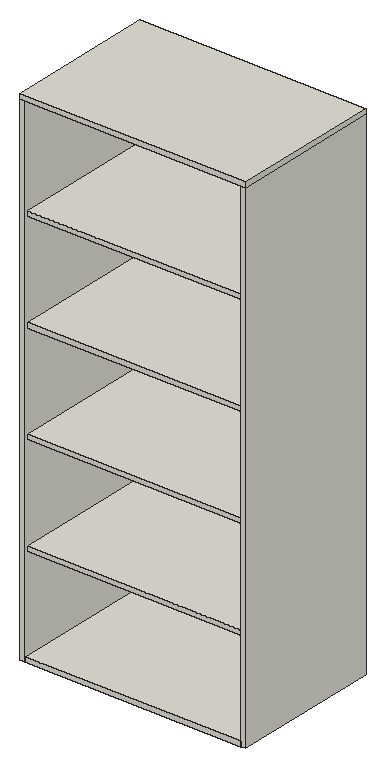
Revit family "Haworth_BeHold_Bookcase", category Furniture Systems, Revit 2018
Family settings
  Round Connector Dimension = Use Diameter
  Part Type = Normal
  OmniClass Number = 23.40.70.14.64.21
  OmniClass Title = Systems Furniture
  Work Plane-Based = No
  Always vertical = Yes
  Cut with Voids When Loaded = No
  Shared = No
  Room Calculation Point = No
Parameters (values of type "81h 36w")
  Width = 36.00"
  Warranty = ""
  URL - Product = "https://www.haworth.com/na/en/products/active-storage/be-hold.html"
  URL = "www.haworth.com"
  Sustainability Info = "https://www.haworth.com/company-info/sustainability"
  Standard Widths = "18-36 in. @ 6 in. increments"  # constant formula
  Standard Height = "49-81 in."  # constant formula
  Size = "Verify Final Dim. w/ Haworth"  # constant formula
  Side Case Back Control = if(Proud Style, 23.25", 24.00")  # 24.00"
  Shelf Width = Actual Width - (Panel Thickness * 2)  # 34.50"
  Shelf Height 5 = 15.25"  # constant formula
  Shelf Height 4 = 15.25"  # constant formula
  Shelf Height 3 = if(Actual Height = 49.00", 15.25", if(Actual Height = 57.00", 7.25", if(Actual Height = 65.00", 15.25", if(Actual Height = 73.00", 7.25", 15.25"))))  # 15.25"
  Shelf Height 2 = 15.25"  # constant formula
  Shelf Height 1 = 14.94"  # constant formula
  Shelf Depth = Actual Depth - Panel Thickness  # 23.25"
  Revision Number = "1"  # constant formula
  Proud Style = not(Inset Style)  # no
  Panel Thickness = 0.75"  # constant formula
  Mounting Height = 22.00"
  Model = "Haworth Be_Hold"  # constant formula
  Min. Width = 18.00"  # constant formula
  Min. Height = 49.00"  # constant formula
  Max. Width = 36.00"  # constant formula
  Max. Height = 81.00"  # constant formula
  Manufacturer = "Haworth"  # constant formula
  Inset Style Width = Actual Depth - 0.19"  # 23.81"
  Inset Style = yes
  Height = 81.00"
  Description = "Haworth - Be_Hold - Freestanding Storage - Freestanding Bookcase"
  Custom Size = not(and(or(Height = 49.00", Height = 57.00", Height = 65.00", Height = 73.00", Height = 81.00")))  # no
  Case Finish [instance] = Haworth _ Laminate _ Beige H-34
  Case Edge Finish [instance] = Haworth _ Laminate _ Beige H-34
  Base Height = 0.75"  # constant formula
  Back Case Side Control = 0.00"
  Back Case Back Control = 0.00"
  Author = "Haworth (Abd Rahman)"  # constant formula
  Assembly Code = "E2020200"
  Actual Width = if(Width < Min. Width, Min. Width, if(Width > Max. Width, Max. Width, Width))  # 36.00"
  Actual Shelf 4 = Actual Height > 65.00"  # yes
  Actual Shelf 3 = Actual Height > 49.00"  # yes
  Actual Shelf 2 = Actual Height > 48.00"  # yes
  Actual Shelf 1 = Actual Height < 85.00"  # yes
  Actual Height = if(Height > Max. Height, Max. Height, if(Height < Min. Height, Min. Height, Height))  # 81.00"
  Actual Depth = if([16in. Depth], 16.00", 24.00")  # 24.00"
  Standard Depths = "16, 24 in"  # constant formula
  24in. Depth = yes
  16in. Depth = not([24in. Depth])  # no
Types (5): name | Shelf Height 3 | Height | Actual Shelf 4 | Actual Shelf 3 | Actual Height
  49h 36w | 15.25" | 49.00" | no | no | 49.00"
  65h 36w | 15.25" | 65.00" | no | yes | 65.00"
  57h 36w | 7.25" | 57.00" | no | yes | 57.00"
  73h 36w | 7.25" | 73.00" | yes | yes | 73.00"
  81h 36w | 15.25" | 81.00" | yes | yes | 81.00"
Reference planes (in)
  plane 1: z = 0
  plane 2 "Center L/R": x = -6.17556
  plane 3 "Center F/B": y = -11.5
  plane 4 "Top": z = 0
  plane 5 "Back": y = 0.5
  plane 6 "Front": y = -23.5
  plane 7 "Right": x = 11.82444
  plane 8 "Left": x = -24.17556
  plane 9: z = 81
  plane 10: x = 11.07444
  plane 11: x = -23.42556
  plane 12: z = 80.25
  plane 13: z = 0.75
  plane 14: y = -0.25
  plane 15: z = 48.44
  plane 16: z = 32.44
  plane 17: z = 16.44
  plane 18: z = 15.69
  plane 19: z = 31.69
  plane 20: z = 47.69
  plane 21: y = 0.3125
  plane 22: z = 64.44
  plane 23: z = 63.69
  plane 24: y = -23.125
  plane 25: y = -0.4375
Forms (in)
  Extrusion 1, solid, material "Haworth _ Laminate _ Beige H-34" <- "Case Finish", visible <- "Inset Style"
    sketch origin (0, 0, 0) x (1, 0, 0) y (0, 1, 0)
      loop
        line (-24.17556, 0.5) -> (-24.17556, -23.5) -> (-23.42556, -23.5) -> (-23.42556, 0.5) -> (-24.17556, 0.5)
      loop
        line (11.82444, -23.5) -> (11.82444, 0.5) -> (11.07444, 0.5) -> (11.07444, -23.5) -> (11.82444, -23.5)
    from 0 to 80.25
  Extrusion 2, solid, material "Haworth _ Laminate _ Beige H-34" <- "Case Finish"
    sketch origin (7, -12, 0) x (1, 0, 0) y (0, 1, 0)
      loop
        line (-31.17556, 12.5) -> (-31.17556, -11.5) -> (4.82444, -11.5) -> (4.82444, 12.5) -> (-31.17556, 12.5)
    from 80.25 to 81
  Extrusion 3, solid, material "Haworth _ Laminate _ Beige H-34" <- "Case Finish", visible <- "Inset Style"
    sketch origin (0, 0, -58.25) x (1, 0, 0) y (0, 1, 0)
      loop
        line (-23.42556, 0.5) -> (-23.42556, -23.5) -> (11.07444, -23.5) -> (11.07444, 0.5) -> (-23.42556, 0.5)
    from 58.25 to 59
  Extrusion 4, solid, material "Haworth _ Laminate _ Beige H-34" <- "Case Finish", visible <- "Proud Style"
    sketch origin (-17.1098, 32.76663, 0) x (1, 0, 0) y (0, 1, 0)
      loop
        line (-7.06576, -32.26663) -> (-7.06576, -33.01663) -> (28.93424, -33.01663) -> (28.93424, -32.26663) -> (-7.06576, -32.26663)
    from 0 to 80.25
  Extrusion 5, solid, material "Haworth _ Laminate _ Beige H-34" <- "Case Finish", visible <- "Inset Style"
    sketch origin (0, -0.375, 0) x (1, 0, 0) y (0, 1, 0)
      loop
        line (-23.42556, 0.6875) -> (-23.42556, -0.0625) -> (11.07444, -0.0625) -> (11.07444, 0.6875) -> (-23.42556, 0.6875)
    from 0.75 to 80.25
  Extrusion 6, solid, material "Haworth _ Laminate _ Beige H-34" <- "Case Finish", visible <- "Proud Style"
    sketch origin (0, 0, 0) x (1, 0, 0) y (0, 1, 0)
      loop
        line (-24.17556, -0.25) -> (-24.17556, -23.5) -> (-23.42556, -23.5) -> (-23.42556, -0.25) -> (-24.17556, -0.25)
      loop
        line (11.82444, -23.5) -> (11.82444, -0.25) -> (11.07444, -0.25) -> (11.07444, -23.5) -> (11.82444, -23.5)
    from 0 to 80.25
  Extrusion 7, solid, material "Haworth _ Laminate _ Beige H-34" <- "Case Finish", visible <- "Proud Style"
    sketch origin (0, 0, 0) x (1, 0, 0) y (0, 1, 0)
      loop
        line (-23.42556, -0.25) -> (-23.42556, -23.5) -> (11.07444, -23.5) -> (11.07444, -0.25) -> (-23.42556, -0.25)
    from 0 to 0.75
Lines and regions (in)
  Masking region 1
    outline origin (0, 0, 0) x (1, 0, 0) y (0, 1, 0)
      loop
        line (-24.17556, 0.5) -> (-24.17556, -23.5) -> (11.82444, -23.5) -> (11.82444, 0.5) -> (-24.17556, 0.5)
  symbolic lines
    curve 1: line (-23.42556, -0.25, 0) -> (-23.42556, -23.125, 0)
    curve 2: line (11.07444, -0.25, 0) -> (11.07444, -23.125, 0)
    curve 3: line (-23.42556, -0.25, 0) -> (11.07444, -0.25, 0)
    curve 4: line (11.07444, -23.125, 0) -> (-23.42556, -23.125, 0)
Dimensions and locks (in)
  equal spacing: plane 8 "Left", plane 2 "Center L/R", plane 7 "Right"
  "Actual Width": plane 8 "Left" to plane 7 "Right"
  equal spacing: plane 5 "Back", plane 3 "Center F/B", plane 6 "Front"
  "Actual Depth": plane 5 "Back" to plane 6 "Front"
  "Actual Height": plane 9 to plane 4 "Top"
  "Panel Thickness": plane 9 to plane 12
  "Base Height": plane 13 to plane 4 "Top"
  "Panel Thickness": plane 10 to plane 7 "Right"
  "Panel Thickness": plane 8 "Left" to plane 11
  "Panel Thickness": plane 14 to plane 5 "Back"
  "Shelf Height 1": plane 18 to plane 13
  "Shelf Height 2": plane 19 to plane 17
  "Shelf Height 3": plane 20 to plane 16
  locked: plane 15 to plane 20 at 0.75
  locked: plane 16 to plane 19 at 0.75
  locked: plane 17 to plane 18 at 0.75
  locked: plane 22 to plane 23 at 0.75
  "Shelf Height 4": plane 23 to plane 15
  plane 12 to plane 22 = 15.81"
  locked: plane 6 "Front" to plane 24 at 0.375
  locked: plane 5 "Back" to plane 21 at 0.1875
  locked: plane 25 to plane 14 at 0.1875
  aligned and locked: plane 2 "Center L/R" to nested 1
  aligned and locked: plane 3 "Center F/B" to nested 1
  aligned and locked: plane 2 "Center L/R" to nested 2
  aligned and locked: plane 3 "Center F/B" to nested 2
  aligned and locked: plane 2 "Center L/R" to nested 3
  aligned and locked: plane 3 "Center F/B" to nested 3
  aligned and locked: plane 17 to nested 1
  aligned and locked: plane 16 to nested 3
  aligned and locked: plane 15 to nested 2
  aligned and locked: nested 1 to plane 18
  aligned and locked: nested 1 to plane 17
  aligned and locked: nested 3 to plane 19
  aligned and locked: nested 3 to plane 16
  aligned and locked: nested 2 to plane 20
  aligned and locked: nested 2 to plane 15
  aligned and locked: Extrusion 1 sketch curve to plane 7 "Right"
  aligned and locked: Extrusion 1 sketch curve to plane 5 "Back"  (x2)
  aligned and locked: plane 10 to Extrusion 1 sketch curve
  aligned and locked: plane 6 "Front" to Extrusion 1 sketch curve  (x2)
  aligned and locked: plane 8 "Left" to Extrusion 1 sketch curve
  aligned and locked: plane 11 to Extrusion 1 sketch curve
  aligned and locked: Extrusion 2 to plane 9
  aligned and locked: Extrusion 2 to plane 12
  aligned and locked: Extrusion 3 to plane 13
  aligned and locked: Extrusion 3 to plane 4 "Top"
  aligned and locked: plane 21 to Extrusion 5
  aligned and locked: plane 5 "Back" to Extrusion 2
  aligned and locked: nested 4 to plane 23
  aligned and locked: plane 22 to nested 4
  aligned and locked: nested 4 to plane 24
  aligned and locked: nested 2 to plane 24
  aligned and locked: nested 3 to plane 24
  aligned and locked: nested 1 to plane 24
  aligned and locked: plane 6 "Front" to Extrusion 3 sketch curve
  aligned and locked: Extrusion 4 sketch curve to plane 5 "Back"
  aligned and locked: Extrusion 4 sketch curve to plane 14
  aligned and locked: Masking region 1 to plane 8 "Left"
  aligned and locked: Masking region 1 to plane 6 "Front"
  aligned and locked: plane 7 "Right" to Masking region 1
  aligned and locked: plane 5 "Back" to Masking region 1
  aligned and locked: curve 2 to plane 10
  aligned and locked: plane 14 to curve 3
  aligned and locked: curve 4 to plane 24
  aligned and locked: plane 10 to curve 4
  aligned and locked: plane 11 to curve 4
  aligned and locked: plane 11 to curve 3
  aligned and locked: plane 10 to nested 4
  aligned and locked: nested 4 to plane 11
  aligned and locked: plane 8 "Left" to Extrusion 2 sketch curve
  aligned and locked: Extrusion 2 sketch curve to plane 7 "Right"
  aligned and locked: Extrusion 3 sketch curve to plane 5 "Back"
  aligned and locked: plane 13 to Extrusion 5
  aligned and locked: plane 7 "Right" to Extrusion 4
  aligned and locked: Extrusion 4 to plane 8 "Left"
  aligned and locked: plane 14 to Extrusion 6 sketch curve  (x2)
  aligned and locked: plane 8 "Left" to Extrusion 6 sketch curve
  aligned and locked: plane 11 to Extrusion 6 sketch curve
  aligned and locked: Extrusion 6 sketch curve to plane 7 "Right"
  aligned and locked: plane 10 to Extrusion 6 sketch curve
  aligned and locked: plane 6 "Front" to Extrusion 6 sketch curve  (x2)
  aligned and locked: Extrusion 3 sketch curve to plane 10
  aligned and locked: Extrusion 3 sketch curve to plane 11
  aligned and locked: plane 6 "Front" to Extrusion 7 sketch curve
  aligned and locked: Extrusion 7 sketch curve to plane 10
  aligned and locked: Extrusion 7 sketch curve to plane 11
  aligned and locked: plane 14 to Extrusion 7 sketch curve
  aligned and locked: Extrusion 7 to level
  aligned and locked: Extrusion 7 to plane 13
  aligned and locked: Extrusion 6 to level
  aligned and locked: Extrusion 1 to level
  aligned and locked: Extrusion 4 to level
  aligned and locked: Extrusion 2 to plane 6 "Front"
  aligned and locked: plane 10 to Extrusion 5
  aligned and locked: plane 11 to Extrusion 5
  aligned and locked: Extrusion 5 to plane 25
  aligned and locked: plane 12 to Extrusion 4
  aligned and locked: plane 12 to Extrusion 1
  aligned and locked: plane 12 to Extrusion 5
  aligned and locked: plane 12 to Extrusion 6
Automatic sketch dimensions
  plane 5 "Back" to Extrusion 2 sketch curve = 0.00"
  plane 11 to Extrusion 4 sketch curve = 0.75"
  plane 10 to Extrusion 4 sketch curve = 0.75"
  plane 11 to Extrusion 5 sketch curve = 0.00"
  plane 10 to Extrusion 5 sketch curve = 0.00"
  plane 21 to Extrusion 5 sketch curve = 0.00"
  plane 14 to Extrusion 5 sketch curve = 0.1875"
  Masking region 1 sketch curve to plane 8 "Left" = 0.00"
  plane 7 "Right" to Masking region 1 sketch curve = 0.00"
  Masking region 1 sketch curve to plane 6 "Front" = 0.00"
  plane 5 "Back" to Masking region 1 sketch curve = 0.00"
  Extrusion 2 sketch curve to plane 6 "Front" = 0.00"
Nested families (in)
  nested 1: "Haworth_Shelf" at (-14.42556, -15.75, 15.69), type "Haworth_Shelf"
    with Shelf Depth 23.25"
  nested 2: "Haworth_Shelf" at (-14.42556, -15.75, 47.69), visible <- "Actual Shelf 3", type "Haworth_Shelf"
    with Shelf Depth 23.25"
  nested 3: "Haworth_Shelf" at (-14.42556, -15.75, 31.69), visible <- "Actual Shelf 2", type "Haworth_Shelf"
    with Shelf Depth 23.25"
  nested 4: "Haworth_Shelf" at (-14.42556, -15.75, 63.69), visible <- "Actual Shelf 4", type "Haworth_Shelf"
    with Shelf Depth 23.25"
Definition of nested family "Haworth_Shelf"
  Parameters (values of type "Haworth_Shelf")
    Warranty = ""
    URL - Product = ""
    URL = "www.haworth.com"
    Sustainability Info = ""
    Size = "Verify Final Dim. w/ Haworth"  # constant formula
    Shelf Width = 34.50"
    Shelf Thickness = 0.75"
    Shelf Finish = none
    Shelf Depth = 13.25"
    Revision Number = ""
    OmniClass Number = ""
    Material Options = ""
    Manufacturer = "Haworth"  # constant formula
    LEED Data = ""
    Author = "SHAPE Environments, LLC"  # constant formula
    Assembly Code = ""
  Reference planes (in)
    plane 1 "Center F/B": y = 4.25
    plane 2: z = 0
    plane 3 "Center L/R": x = 8.25
    plane 4 "Panel Left": x = -9
    plane 5 "Panel Right": x = 25.5
    plane 6 "Panel Back": y = 10.875
    plane 7 "Panel Front": y = -2.375
    plane 8 "Panel Top": z = 0.75
    plane 9 "Center (T/B)": z = 0.375
  Forms (in)
    Extrusion 1, solid, material <- "Shelf Finish"
      sketch origin (0, 0, 0) x (1, 0, 0) y (0, 1, 0)
        loop
          line (-9, 10.875) -> (-9, -2.375) -> (25.5, -2.375) -> (25.5, 10.875) -> (-9, 10.875)
      from 0 to 0.75
  Dimensions and locks (in)
    equal spacing: plane 6 "Panel Back", plane 1 "Center F/B", plane 7 "Panel Front"
    "Shelf Depth": plane 6 "Panel Back" to plane 7 "Panel Front"
    equal spacing: plane 4 "Panel Left", plane 3 "Center L/R", plane 5 "Panel Right"
    "Shelf Width": plane 4 "Panel Left" to plane 5 "Panel Right"
    "Shelf Thickness": plane 8 "Panel Top" to level
    equal spacing: plane 8 "Panel Top", plane 9 "Center (T/B)", level
    aligned and locked: plane 4 "Panel Left" to Extrusion 1 sketch curve
    aligned and locked: Extrusion 1 sketch curve to plane 6 "Panel Back"
    aligned and locked: Extrusion 1 sketch curve to plane 7 "Panel Front"
    aligned and locked: Extrusion 1 sketch curve to plane 5 "Panel Right"
    aligned and locked: plane 8 "Panel Top" to Extrusion 1
